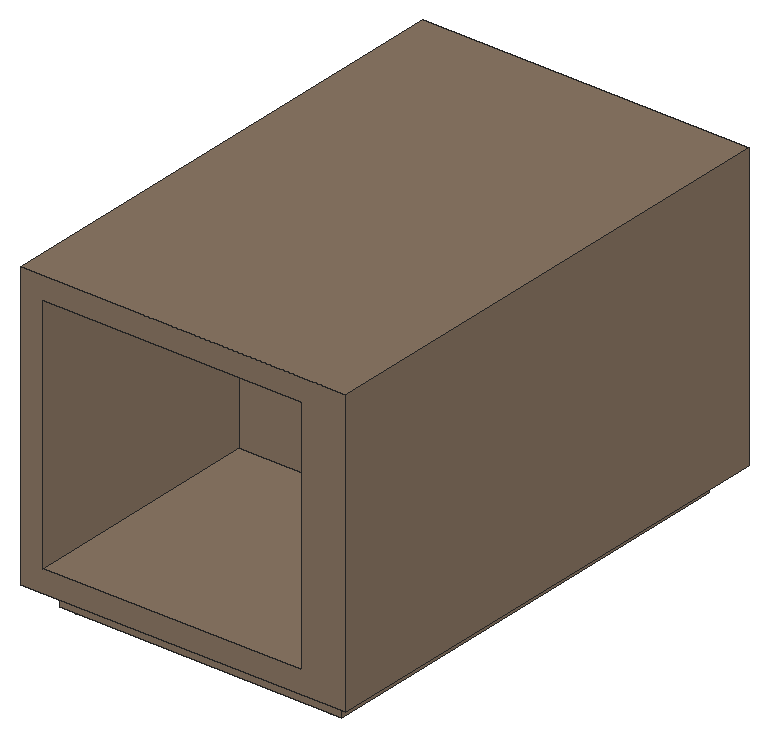
Revit family
Parameters
  URL = "http://www.martinbrattrud.com"
  SCS Certified Product = "Yes"
  Model = "Links 291-22"
  Manufacturer = "Martin Brattrud, Inc."
  Leg [instance] = none
  Keynote = "125000"
  Foot [instance] = none
  Copyright = "© 2013 Martin Brattrud, Inc."
  Chair [instance] = none
  Authoring Version = "Revit Architecture 2010"
  Assembly Code = "E2020200"
Reference planes (in)
  plane 1 "Center Front/Back": y = 0
  plane 2: z = 0
  plane 3 "Center Left/Right": x = 0
  plane 4: z = 21
  plane 5: z = 19.5
  plane 6: z = 0
  plane 7: z = 1.75
  plane 8: z = 3.25
  plane 9: x = -11
  plane 10: x = 11
  plane 11: y = 17
  plane 12: y = -17
  plane 13: y = 16.12
  plane 14: y = -16.12
  plane 15: y = 0.375
  plane 16: y = 0
  plane 17: y = -0.375
  plane 18: x = -8.01142
  plane 19: x = 8.01142
Forms (in)
  Extrusion 1, solid
    sketch origin (-21.86807, -6.75002, 0.25) x (1, 0, 0) y (0, 1, 0)
      loop
        line (12.36807, 22.25002) -> (12.36807, -8.74998) -> (31.36807, -8.74998) -> (31.36807, 22.25002) -> (12.36807, 22.25002)
    from 0 to 1.5
  Revolve 2, solid, material <- "Leg"
    sketch origin (-8.62, -14.99, 0) x (0, -1, 0) y (0, 0, -1)
      loop
        line (0, -0.25) -> (0.25, -0.25) -> (0.25, -0.125)
        arc (0.25, -0.125) -> (0.21339, -0.03661) -> (0.125, 0) r 0.125
        line (0.125, 0) -> (0, 0) -> (0, -0.25)
      axis (0, -0.25) -> (0, 0)
    angle from 0 to 360
  Revolve 3, solid, material <- "Leg"
    sketch origin (8.62, -14.99, 0) x (0, -1, 0) y (0, 0, 1)
      loop
        line (0, 0.25) -> (0, 0) -> (0.125, 0)
        arc (0.125, 0) -> (0.21339, 0.03661) -> (0.25, 0.125) r 0.125
        line (0.25, 0.125) -> (0.25, 0.25) -> (0, 0.25)
      axis (0, 0.25) -> (0, 0)
    angle from 0 to 360
  Extrusion 4, solid
    sketch origin (0, 0, 0) x (-1, 0, 0) y (0, 0, -1)
      loop
        line (-11, -1.75) -> (-11, -21) -> (11, -21) -> (11, -1.75) -> (-11, -1.75)
    from -17 to 17
  Extrusion 5, void
    sketch origin (0, 0, 0) x (-1, 0, 0) y (0, 0, -1)
      loop
        line (9.5, -19.5) -> (9.5, -3.25) -> (-8.01142, -3.25) -> (-8.01142, -19.5) -> (9.5, -19.5)
    from 0.375 to 17
  Revolve 6, solid, material <- "Leg"
    sketch origin (-8.62, 14.99, 0) x (0, 1, 0) y (0, 0, 1)
      loop
        line (0, 0.25) -> (0, 0) -> (0.125, 0)
        arc (0.125, 0) -> (0.21339, 0.03661) -> (0.25, 0.125) r 0.125
        line (0.25, 0.125) -> (0.25, 0.25) -> (0, 0.25)
      axis (0, 0.25) -> (0, 0)
    angle from 0 to 360
  Revolve 7, solid, material <- "Leg"
    sketch origin (8.62, 14.99, 0) x (0, 1, 0) y (0, 0, -1)
      loop
        line (0, -0.25) -> (0.25, -0.25) -> (0.25, -0.125)
        arc (0.25, -0.125) -> (0.21339, -0.03661) -> (0.125, 0) r 0.125
        line (0.125, 0) -> (0, 0) -> (0, -0.25)
      axis (0, -0.25) -> (0, 0)
    angle from 0 to 360
  Extrusion 8, void
    sketch origin (0, 0, 0) x (-1, 0, 0) y (0, 0, 1)
      loop
        line (9.5, 19.5) -> (-8.01142, 19.5) -> (-8.01142, 3.25) -> (9.5, 3.25) -> (9.5, 19.5)
    from 0.375 to 17
Cuts and joins
  Extrusion 5, Extrusion 8 cuts Extrusion 4
